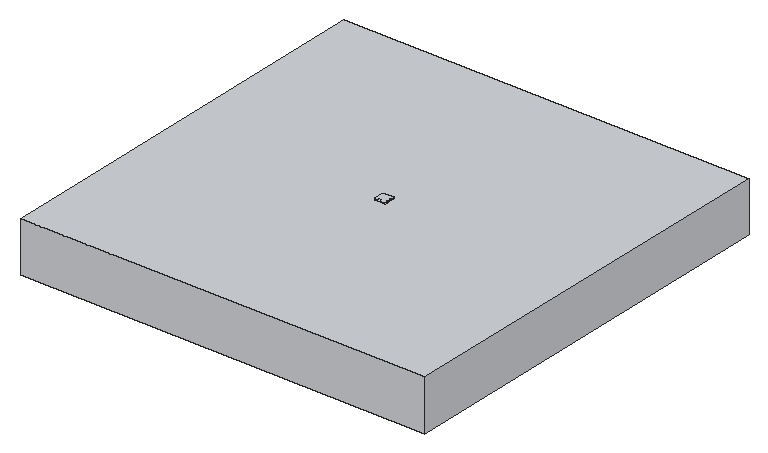
Revit family "Gira_541400", category Allgemeines Modell, Revit 2017
Family settings
  Basisbauteil = Fläche
  Kann Basisbauteil für Bewehrung sein = Nein
  Bemaßung runder Anschluss = Durchmesser verwenden
  Teiletyp = Normal
  Beim Laden mit Abzugskörper schneiden = Nein
  Gemeinsam genutzt = Nein
  Raumberechnungspunkt = Nein
Parameters
  With memory function = no
  With glass breaking detector connection = no
  With brightness sensor connection = no
  With Astro program = no
  Default Elevation = 1219.2 mm
  URL = "https://www.gira.de/"
  Typname = "S3000 blind ctrl.ins. + aux.inputs Insert"
  Type of fastening = "Mounting with claw and screw"
  Transparent = no
  Switch-off protection = no
  Surface protection = "Other"
  Surface finishing = "Not applicable"
  Suitable for wind sensor = no
  Suitable for rain sensor = no
  Suitable for degree of protection (IP) = "IP20"
  Substation input = yes
  Random generator = no
  Productwebsite = "http://katalog.gira.de/en/datenblatt.html?artikelnr=541400"
  Nominal voltage [Volt] = 230
  Mounting method = "Flush mounted (plaster)"
  Max. switching power [Voltampere] = 1000
  Material quality = "Other"
  Material = "Other"
  Integrated timer = no
  Hersteller = "Gira"
  Halogen free = no
  HAN = "541400"
  GTIN = "4010337027423"
  Data sheet = "https://katalog.gira.de/en/download.html?artikelnr=541400"
  Colour = "Other"
  Beschreibung = "S3000 blind ctrl.-aux.in. Ins.,System 3000 blind controller insert with auxiliary input,,,Features:,- Control of electrically operated blinds, shutters and awnings.,- Operation as main unit or auxiliary unit.,- Integration in group control or central control can be done via auxiliary inputs.,- Wind alarm locking via auxiliary input.,- An individual intermediate position can be saved together with a top unit.,- Controlling a motor, e.g. to set the end positions, can be done without a top unit.,- Polarity reversal function for the outputs for simplified commissioning as of index I01.,- Operation with neutral conductor connection."
  BIM = "https://media.stage.bim.site/public/gira/290f3eb/Einsatz_1fach.rfa"
  Assembly arrangement = "Basic element"
Reference planes
  plane 1 "Center (Front/Back)": y = 0
  plane 2: z = 0
  plane 3 "Center (Left/Right)": x = 0
Forms (mm)
  Extrusion 1, solid
    sketch origin (0, 0, 0) x (1, 0, 0) y (0, 1, 0)
      loop
        line (-1219.2, 1219.2) -> (-1219.2, -1219.2) -> (1219.2, -1219.2) -> (1219.2, 1219.2) -> (-1219.2, 1219.2)
    from 0 to -304.8
  Extrusion 2, solid, detail levels fine
    sketch origin (0, 0, 0) x (1, 0, 0) y (0, 1, 0)
      loop
        line (27.475, 35.475) -> (-27.475, 35.475)
        arc (-27.475, 35.475) -> (-33.132, 33.132) -> (-35.475, 27.475) r 8
        line (-35.475, 27.475) -> (-35.475, -27.475)
        arc (-35.475, -27.475) -> (-33.132, -33.132) -> (-27.475, -35.475) r 8
        line (-27.475, -35.475) -> (27.475, -35.475)
        arc (27.475, -35.475) -> (33.132, -33.132) -> (35.475, -27.475) r 8
        line (35.475, -27.475) -> (35.475, 27.475)
        arc (35.475, 27.475) -> (33.132, 33.132) -> (27.475, 35.475) r 8
    from 0 to 1.8
  Extrusion 3, solid, detail levels fine
    sketch origin (0, 0, 0) x (1, 0, 0) y (0, 1, 0)
      loop
        line (9.678, 25.4) -> (-9.678, 25.4)
        arc (-9.678, 25.4) -> (-12.885, 24.922) -> (-15.814, 23.53) r 11
        arc (-15.814, 23.53) -> (-17.795, 22.07) -> (-19.641, 20.444) r 28.35
        arc (-19.641, 20.444) -> (-21.339, 18.665) -> (-22.876, 16.745) r 28.35
        arc (-22.876, 16.745) -> (-24.456, 13.666) -> (-25, 10.248) r 11
        line (-25, 10.248) -> (-25, -10.248)
        arc (-25, -10.248) -> (-24.456, -13.666) -> (-22.876, -16.745) r 11
        arc (-22.876, -16.745) -> (-20.409, -19.677) -> (-17.569, -22.25) r 28.35
        line (-17.569, -22.25) -> (17.569, -22.25)
        arc (17.569, -22.25) -> (20.409, -19.677) -> (22.876, -16.745) r 28.35
        arc (22.876, -16.745) -> (24.456, -13.666) -> (25, -10.248) r 11
        line (25, -10.248) -> (25, 10.248)
        arc (25, 10.248) -> (24.456, 13.666) -> (22.876, 16.745) r 11
        arc (22.876, 16.745) -> (21.593, 18.37) -> (20.195, 19.897) r 28.35
        arc (20.195, 19.897) -> (18.096, 21.823) -> (15.814, 23.53) r 28.35
        arc (15.814, 23.53) -> (12.885, 24.922) -> (9.678, 25.4) r 11
    from 0 to -22
  Extrusion 4, solid, detail levels medium
    sketch origin (0, 0, 0) x (1, 0, 0) y (0, 1, 0)
      loop
        line (-25, 25.4) -> (-25, -22.25) -> (25, -22.25) -> (25, 25.4) -> (-25, 25.4)
    from 0 to -22
  Extrusion 5, solid, detail levels coarse
    sketch origin (0, 0, 0) x (1, 0, 0) y (0, 1, 0)
      loop
        line (35.475, 35.475) -> (-35.475, 35.475) -> (-35.475, -35.475) -> (35.475, -35.475) -> (35.475, 35.475)
    from -22 to 1.8
  Extrusion 6, solid, detail levels medium
    sketch origin (0, 0, 0) x (1, 0, 0) y (0, 1, 0)
      loop
        line (35.475, 35.475) -> (-35.475, 35.475) -> (-35.475, -35.475) -> (35.475, -35.475) -> (35.475, 35.475)
    from 0 to 1.8
Dimensions and locks
  aligned and locked: plane 2 to Extrusion 1
  aligned and locked: level to Extrusion 1
Connectors
  electrical at (0, 0, -22)
    settings: on Extrusion 5, index 1, voltage 220 V, apparent load 0 VA, apparent load phase1 0 VA, apparent load phase2 0 VA, apparent load phase3 0 VA, power factor 1, load classification "Other", number of poles 1, system type 30, power factor state 1, is connector primary yes, connector utility no, sub classification motor no, connector description ""
